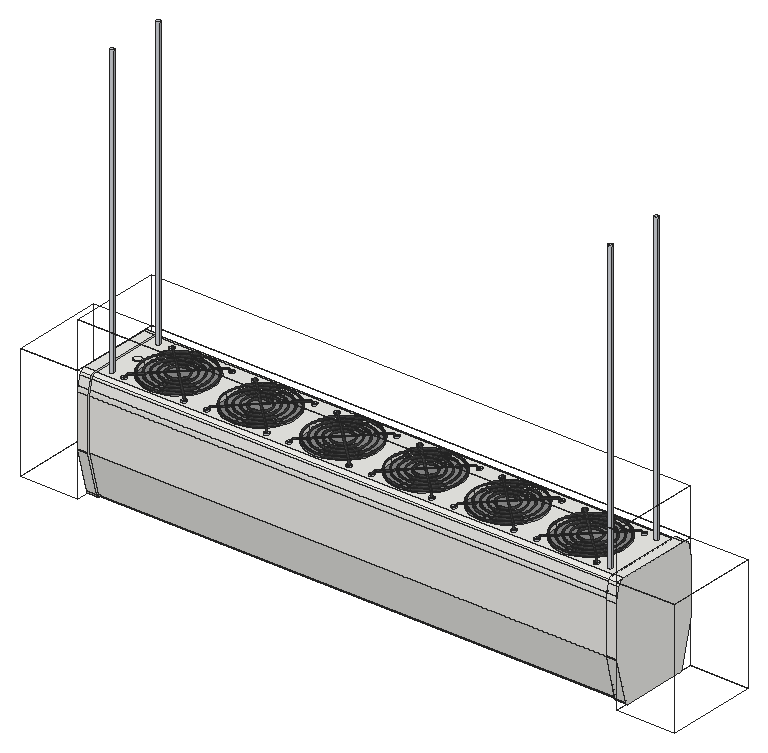
Revit family "AIRTECNICS_AIR CURTAIN_MINIBEL_AIR ONLY (A-E)123", category Mechanical Equipment, Revit 2016
Family settings
  Part Type = Normal
  Round Connector Dimension = Use Diameter
  OmniClass Number = 23.75.70.21.17
  OmniClass Title = Air Curtains
  Work Plane-Based = No
  Always vertical = Yes
  Cut with Voids When Loaded = No
  Shared = No
  Room Calculation Point = No
Parameters (values of type "MIN 900 E230")
  · POSITION · [instance] = "-/ Select Curtain Position /-"  # constant formula
  · OTHERS · [instance] = "-/ Select Supports - Inst.Maint. Space /-"  # constant formula
  · HEATING · = "-/ Select Heating /-"  # constant formula
  Weight [instance] = size_lookup(Name_Lookup_Data, "Weight", 1.00 kg, COD)  # 13.50 kg
  Wall Supports (Horizontal) [instance] = no
  Voltage [instance] = 230 V  # constant formula
  URL_Manufacturer = "https://www.airtecnics.com/"
  URL_Datasheet = "https://www.airtecnics.com/download/file/1940/minibel.pdf"
  Supports Length [instance] = 500.0 mm
  Supports (Horizontal) [instance] = yes
  Revit Version = "Revit 2016 - English"  # constant formula
  Review Date = "11/2018"  # constant formula
  URL = "https://www.airtecnics.com/products/air-curtain-minibel"
  Product Size = if(L = 600.0 mm, "600", "900")  # "900"
  Product Reference [instance] = size_lookup(Name_Lookup_Ref, "", "Consult Manufacturer", COD)  # "MIN 900 E230"
  Product Heating [instance] = if(A, "Only Air", "Electrical")  # "Electrical"
  Product Description [instance] = size_lookup(Name_Lookup_Data, "", "-", COD)  # "Self-supporting casing construction made of galvanized steel plate, finished in structural epoxy-polyester painting white colour RAL9016 as standard. Other colours are available on request. \r\nAnodized aluminium outlet vanes, airfoil shaped.\r\nCompact axial fans, low noise level.\r\n“E” type with electrical shielded element. \r\nIntegrated switch for ventilation and heating control.\r\nCable connection 1,5m length, integrated.\r\nWall support included.\r\nAir Volume: 630 m3/h \r\nFans:  0,09 kW  0,78 A 230Vx1 50Hz\r\nHeating power: 3,2 kW (230Vx1)\r\nDimensions: 160x200x936 mm (depth, height, length)"
  Power Fans Factor [instance] = 0.5  # constant formula
  Power Fans [instance] = size_lookup(Name_Lookup_Data, "Power Fans", 1 kW, COD)  # 0.09 kW
  Noise Level (dB(A)) [instance] = size_lookup(Name_Lookup_Data, "Noise Level (dB(A))", 1, COD)  # 47
  Name_Lookup_Ref = "MINIBEL_(A-E)_Ref_Lookup"  # constant formula
  Name_Lookup_Data = "MINIBEL_(A-E)_Data_Lookup"  # constant formula
  Model = "Air Curtain Minibel A-E"  # constant formula
  Material Curtain [instance] = AIRTECNICS_White RAL 9016
  Length = L + 36.0 mm + Depth - Depth  # 936.0 mm
  Height = 200.0 mm  # constant formula
  Heating Capacity [instance] = size_lookup(Name_Lookup_Data, "Electrical Heating", 1 kW, COD)  # 3.2 kW
  Frequency = 50 Hz  # constant formula
  Fans Stage = 1  # constant formula
  Family Version = "1.0"  # constant formula
  E = yes
  Depth = 160.0 mm  # constant formula
  Current Fans [instance] = size_lookup(Name_Lookup_Data, "Current Fans", 1 A, COD)  # 0.78 A
  Created by = "BIMETRICAL"  # constant formula
  Control [instance] = "ON/OFF Switch"  # constant formula
  COD [instance] = if(L = 600.0 mm, 1, 0) + if(L = 900.0 mm, 2, 0) + if(E, 10, 20)  # 12
  Aspiration/Maintenance Space [instance] = yes
  Apparent Load [instance] = size_lookup(Name_Lookup_Data, "Apparent Load", 1 VA, COD)  # 180 VA
  Airflow [instance] = size_lookup(Name_Lookup_Data, "Airflow", 1 m³/h, COD)  # 630 m³/h
  L = 900.0 mm
  Type Image = <None>
  IfcExportType = if(A, "CENTRIFUGALFORWARDCURVED", "ELECTRICALHEATINGCOIL")  # "ELECTRICALHEATINGCOIL"
  IfcExportAs = "IfcFanType"  # constant formula
  Horizontal [instance] = 1 = 1  # yes
  Manufacturer = "AIRTECNICS"  # constant formula
  Description = ""
  Type Comments = "Self-supporting casing construction made of galvanized steel plate, finished in structural epoxy-polyester painting white colour RAL9016 as standard. Other colours are available on request.\r\nAnodized aluminium outlet vanes, airfoil shaped.\r\nCompact axial fans, low noise level.\r\n“E” type with electrical shielded element. “A” type without heating, air only.\r\nIntegrated switch for ventilation and heating control.\r\nCable connection 1,5m length, integrated.\r\nWall support included.\r\n"  # constant formula
  BIMETRICAL Category = "Fan"  # constant formula
  BIMETRICAL = "http://www.bimetrical.com"  # constant formula
  A = not(E)  # no
Types (4, lengths in mm): name | Weight | Product Size | Product Reference | Product Heating | Product Description | Power Fans | Noise Level (dB(A)) | Length | Heating Capacity | E | Current Fans | COD | Apparent Load | Airflow | L | IfcExportType | A
  MIN 600 A | 9.00 kg | "600" | "MIN 600 A" | "Only Air" | "Self-supporting casing construction made of galvanized steel plate, finished in structural epoxy-polyester painting white colour RAL9016 as standard. Other colours are available on request. \r\nAnodized aluminium outlet vanes, airfoil shaped.\r\nCompact axial fans, low noise level.\r\n“A” type without heating, air only. \r\nIntegrated switch for ventilation and heating control.\r\nCable connection 1,5m length, integrated.\r\nWall support included.\r\nAir Volume: 420 m3/h \r\nFans:  0,06 kW  0,52 A 230Vx1 50Hz\r\nDimensions: 160x200x636 mm (depth, height, length)" | 0.06 kW | 46 | 636.0 | 0 kW | no | 0.52 A | 21 | 120 VA | 420 m³/h | 600.0 | "CENTRIFUGALFORWARDCURVED" | yes
  MIN 900 A | 10.00 kg | "900" | "MIN 900 A" | "Only Air" | "Self-supporting casing construction made of galvanized steel plate, finished in structural epoxy-polyester painting white colour RAL9016 as standard. Other colours are available on request. \r\nAnodized aluminium outlet vanes, airfoil shaped.\r\nCompact axial fans, low noise level.\r\n“A” type without heating, air only. \r\nIntegrated switch for ventilation and heating control.\r\nCable connection 1,5m length, integrated.\r\nWall support included.\r\nAir Volume: 630 m3/h \r\nFans:  0,09 kW  0,78 A 230Vx1 50Hz\r\nDimensions: 160x200x936 mm (depth, height, length)" | 0.09 kW | 47 | 936.0 | 0 kW | no | 0.78 A | 22 | 180 VA | 630 m³/h | 900.0 | "CENTRIFUGALFORWARDCURVED" | yes
  MIN 600 E230 | 12.50 kg | "600" | "MIN 600 E230" | "Electrical" | "Self-supporting casing construction made of galvanized steel plate, finished in structural epoxy-polyester painting white colour RAL9016 as standard. Other colours are available on request. \r\nAnodized aluminium outlet vanes, airfoil shaped.\r\nCompact axial fans, low noise level.\r\n“E” type with electrical shielded element. \r\nIntegrated switch for ventilation and heating control.\r\nCable connection 1,5m length, integrated.\r\nWall support included.\r\nAir Volume: 420 m3/h \r\nFans:  0,06 kW  0,52 A 230Vx1 50Hz\r\nHeating power: 2,5 kW (230Vx1)\r\nDimensions: 160x200x636 mm (depth, height, length)" | 0.06 kW | 46 | 636.0 | 2.5 kW | yes | 0.52 A | 11 | 120 VA | 420 m³/h | 600.0 | "ELECTRICALHEATINGCOIL" | no
  MIN 900 E230 | 13.50 kg | "900" | "MIN 900 E230" | "Electrical" | "Self-supporting casing construction made of galvanized steel plate, finished in structural epoxy-polyester painting white colour RAL9016 as standard. Other colours are available on request. \r\nAnodized aluminium outlet vanes, airfoil shaped.\r\nCompact axial fans, low noise level.\r\n“E” type with electrical shielded element. \r\nIntegrated switch for ventilation and heating control.\r\nCable connection 1,5m length, integrated.\r\nWall support included.\r\nAir Volume: 630 m3/h \r\nFans:  0,09 kW  0,78 A 230Vx1 50Hz\r\nHeating power: 3,2 kW (230Vx1)\r\nDimensions: 160x200x936 mm (depth, height, length)" | 0.09 kW | 47 | 936.0 | 3.2 kW | yes | 0.78 A | 12 | 180 VA | 630 m³/h | 900.0 | "ELECTRICALHEATINGCOIL" | no
Reference planes
  plane 1 "Centro (Frontal/Posterior)": z = 0
  plane 2: y = 246.57
  plane 3 "Centro (Izquierda/Derecha)": x = 0
Dimensions and locks
  equal spacing: nested 1, plane 2, nested 1
  aligned and locked: plane 1 "Centro (Frontal/Posterior)" to nested 1
Nested families
  nested 1: "GEOM_MINIBEL_(A-E)" at (0, 246.57, 100), type "GEOM_MINIBEL_(A-E)"
    with Supports Length 500.0 mm, L_sup 500.0 mm, Aspiration/Maintenance Space yes
Connectors
  electrical at (-428, 246.57, 197.997), driven by "Voltage", driven by "Apparent Load", driven by "Power Fans Factor"
    settings: on nested 1, index 1, voltage 230 V, apparent load 180 VA, apparent load phase1 0 VA, apparent load phase2 0 VA, apparent load phase3 0 VA, power factor 0.5, load classification "HVAC", number of poles 1, system type 30, power factor state 1, is connector primary yes, connector utility no, sub classification motor no, connector description ""
Definition of nested family "GEOM_MINIBEL_(A-E)"
  Parameters (values of type "GEOM_MINIBEL_(A-E)")
    n_Grille = if(L = 600.0 mm, 4, 6)  # 6
    Wall Supports (Horizontal) = no
    VSUP2 = if(and([Wall Supports (Horizontal)], not([Supports (Horizontal)])), 1 = 1, 1 = 0)  # no
    VSUP1 = if(and(Supports Length > 0.0 mm, [Supports (Horizontal)], not([Wall Supports (Horizontal)])), 1 = 1, 1 = 0)  # yes
    Supports Length = 200.0 mm
    Supports (Horizontal) = yes
    Revit Version = "Revit 2016 - English"  # constant formula
    Review Date = "11/2018"  # constant formula
    Model = "MINIBEL"  # constant formula
    Material Curtain = none
    Manufacturer = "AIRTECNICS"  # constant formula
    L_sup = if(Supports Length = 0.0 mm, 1.0 mm, Supports Length)  # 200.0 mm
    LSW = if(and([Wall Supports (Horizontal)], not([Supports (Horizontal)])), 10.0 mm, 1.0 mm)  # 1.0 mm
    L2 = if(L = 900.0 mm, 143.2 mm, 160.0 mm)  # 143.2 mm
    L1 = L + 36.0 mm  # 936.0 mm
    L = 900.0 mm
    Family Version = "1.0"  # constant formula
    Created by = "BIMETRICAL"  # constant formula
    BIMETRICAL = "http://www.bimetrical.com/"  # constant formula
    Aspiration/Maintenance Space = no
  Reference planes
    plane 1 "Centro (Frontal/Posterior)": y = 0
    plane 2: z = 0
    plane 3 "Centro (Izquierda/Derecha)": x = 0
    plane 4: y = 80
    plane 5: y = -80
    plane 6: x = -468
    plane 7: x = 468
    plane 8: z = 100
    plane 9: z = -100
    plane 10: x = -450
    plane 11: x = 450
    plane 12: x = -428
    plane 13: x = -358
    plane 14: x = -214.8
    plane 15: y = 50
    plane 16: y = -50
    plane 17: x = -432.5
    plane 18: x = 432.5
    plane 19: z = 59.4
    plane 20: z = -15.6
    plane 21: x = 409.75
    plane 22: x = -409.75
  Forms (mm)
    Extrusion 1, solid, material <- "Material Curtain"
      sketch origin (-468, 426.073, 1200) x (0, 1, 0) y (0, 0, 1)
        loop
          line (-506.021, -1222.532) -> (-487.237, -1294.939)
          arc (-487.237, -1294.939) -> (-484.834, -1298.582) -> (-480.704, -1299.993) r 6.75
          line (-480.704, -1299.993) -> (-371.315, -1299.998)
          arc (-371.315, -1299.998) -> (-367.185, -1298.587) -> (-364.782, -1294.944) r 6.75
          line (-364.782, -1294.944) -> (-346.073, -1221.81) -> (-346.073, -1132.712)
          arc (-346.073, -1132.712) -> (-346.347, -1127.927) -> (-347.167, -1123.205) r 41.847
          line (-347.167, -1123.205) -> (-350.648, -1108.278)
          arc (-350.648, -1108.278) -> (-354.707, -1102.395) -> (-361.44, -1099.997) r 11.627
          line (-361.44, -1099.997) -> (-490.36, -1099.997)
          arc (-490.36, -1099.997) -> (-497.301, -1102.296) -> (-501.497, -1108.283) r 11.627
          line (-501.497, -1108.283) -> (-504.978, -1123.205)
          arc (-504.978, -1123.205) -> (-505.798, -1127.927) -> (-506.073, -1132.712) r 41.847
          line (-506.073, -1132.712) -> (-506.073, -1220.451)
          arc (-506.073, -1220.451) -> (-506.06, -1221.492) -> (-506.021, -1222.532) r 41.847
      from 0 to 18
    Extrusion 2, solid, material <- "Material Curtain"
      sketch origin (468, 426.073, 1200) x (0, 1, 0) y (0, 0, -1)
        loop
          arc (-506.021, 1222.532) -> (-506.06, 1221.492) -> (-506.073, 1220.451) r 41.847
          line (-506.073, 1220.451) -> (-506.073, 1132.712)
          arc (-506.073, 1132.712) -> (-505.798, 1127.927) -> (-504.978, 1123.205) r 41.847
          line (-504.978, 1123.205) -> (-501.497, 1108.283)
          arc (-501.497, 1108.283) -> (-497.301, 1102.296) -> (-490.36, 1099.997) r 11.627
          line (-490.36, 1099.997) -> (-361.44, 1099.997)
          arc (-361.44, 1099.997) -> (-354.705, 1102.397) -> (-350.648, 1108.283) r 11.625
          line (-350.648, 1108.283) -> (-347.167, 1123.205)
          arc (-347.167, 1123.205) -> (-346.347, 1127.927) -> (-346.073, 1132.712) r 41.847
          line (-346.073, 1132.712) -> (-346.073, 1221.81) -> (-364.782, 1294.944)
          arc (-364.782, 1294.944) -> (-367.185, 1298.587) -> (-371.315, 1299.998) r 6.75
          line (-371.315, 1299.998) -> (-480.704, 1299.993)
          arc (-480.704, 1299.993) -> (-484.834, 1298.582) -> (-487.237, 1294.939) r 6.75
          line (-487.237, 1294.939) -> (-506.021, 1222.532)
      from 0 to 18
    Extrusion 3, solid, material <- "Material Curtain"
      sketch origin (-468, 426.073, 1200) x (0, 1, 0) y (0, 0, 1)
        loop
          arc (-490.36, -1102.003) -> (-496.083, -1103.888) -> (-499.564, -1108.806) r 9.627
          line (-499.564, -1108.806) -> (-503.031, -1123.66)
          arc (-503.031, -1123.66) -> (-503.811, -1128.156) -> (-504.073, -1132.712) r 39.847
          line (-504.073, -1132.712) -> (-504.073, -1222.077) -> (-485.301, -1294.436)
          arc (-485.301, -1294.436) -> (-483.61, -1297) -> (-480.703, -1297.993) r 4.75
          line (-480.703, -1297.993) -> (-371.315, -1297.998)
          arc (-371.315, -1297.998) -> (-368.41, -1297.007) -> (-366.718, -1294.445) r 4.75
          line (-366.718, -1294.445) -> (-348.073, -1221.559) -> (-348.073, -1132.712)
          arc (-348.073, -1132.712) -> (-348.334, -1128.156) -> (-349.114, -1123.66) r 39.847
          line (-349.114, -1123.66) -> (-352.581, -1108.801)
          arc (-352.581, -1108.801) -> (-355.936, -1103.977) -> (-361.471, -1102.003) r 9.627
          line (-361.471, -1102.003) -> (-490.36, -1102.003)
      from 18 to 918
    Extrusion 4, void
      sketch origin (-450, -1524, 347.815) x (0, 0, 1) y (0, -1, 0)
        loop
          line (-407.081, -1546.5) -> (-407.081, -1501.5) -> (-445.811, -1501.5) -> (-445.811, -1546.5) -> (-407.081, -1546.5)
      from 0 to 900
    Extrusion 5, solid
      sketch origin (-450, -1524, 347.815) x (0, 0, 1) y (0, -1, 0)
        loop
          line (-416.194, -1527.601) -> (-444.264, -1531.074)
          arc (-444.264, -1531.074) -> (-445.58, -1532.563) -> (-444.264, -1534.052) r 1.5
          line (-444.264, -1534.052) -> (-416.194, -1537.525)
          arc (-416.194, -1537.525) -> (-410.58, -1532.563) -> (-416.194, -1527.601) r 5
        loop
          line (-416.194, -1510.601) -> (-444.264, -1514.074)
          arc (-444.264, -1514.074) -> (-445.58, -1515.563) -> (-444.264, -1517.052) r 1.5
          line (-444.264, -1517.052) -> (-416.194, -1520.525)
          arc (-416.194, -1520.525) -> (-410.58, -1515.563) -> (-416.194, -1510.601) r 5
      from 0 to 900
    Extrusion 6, solid, material <- "Material Curtain"
      sketch origin (0, 0, 0) x (1, 0, 0) y (0, 1, 0)
        loop
          circle (-428, 0) r 6.5
      from 97.997 to 96.997
    Extrusion 7, solid
      sketch origin (-450, -1524, 347.815) x (0, 0, 1) y (0, -1, 0)
        loop
          line (-407.081, -1546.5) -> (-407.081, -1501.5) -> (-445.811, -1501.5) -> (-445.811, -1546.5) -> (-407.081, -1546.5)
      from 0 to 2
    Extrusion 8, solid
      sketch origin (450, -1524, 347.815) x (0, 0, 1) y (0, 1, 0)
        loop
          line (-407.081, 1546.5) -> (-445.811, 1546.5) -> (-445.811, 1501.5) -> (-407.081, 1501.5) -> (-407.081, 1546.5)
      from 0 to 2
    Extrusion 9, void, not visible
      sketch origin (-1204.412, -1524, 100) x (-1, 0, 0) y (0, -1, 0)
        loop
          circle (-846.412, -1524) r 60
      from 0 to -8.801
    Sweep 10, solid, not visible
      path origin (-357.024, -1.006, -39.309) x (-0.707107, 0.707107, 0) y (0, 0, 1)
        loop
          line (74.923, 135.619) -> (74.923, 137.619) -> (69.793, 142.748) -> (-66.947, 142.748) -> (-72.077, 137.619) -> (-72.077, 135.619)
      profile origin (-410.003, 51.972, 96.31) x (0.707107, 0.707107, 0) y (-0.707107, 0.707107, 0)
        loop
          circle (0, 0) r 1
    Sweep 11, solid, not visible
      path origin (-359.037, -1.006, -39.309) x (0.707107, 0.707107, 0) y (0, 0, 1)
        loop
          line (74.923, 135.619) -> (74.923, 137.619) -> (69.793, 142.748) -> (-66.947, 142.748) -> (-72.077, 137.619) -> (-72.077, 135.619)
      profile origin (-306.058, 51.972, 96.31) x (0.707107, -0.707107, 0) y (0.707107, 0.707107, 0)
        loop
          circle (0, 0) r 1
    Revolve 12, solid, not visible
      sketch origin (-357.82, -1524, 340.813) x (0, 0, 1) y (0, -1, 0)
        loop
          circle (-240.276, -1542) r 1
        loop
          circle (-240.276, -1552) r 1
        loop
          circle (-240.276, -1562) r 1
        loop
          circle (-240.276, -1572) r 1
        loop
          circle (-240.276, -1582) r 1
        axis (-239.276, -1524) -> (-241.276, -1524)
      angle from 0 to 360
    Extrusion 13, solid, not visible
      sketch origin (-1204.232, -1524, 100) x (-1, 0, 0) y (0, -1, 0)
        loop
          circle (-794.229, -1575.972) r 4
        loop
          circle (-898.173, -1575.972) r 4
        loop
          circle (-898.173, -1472.028) r 4
        loop
          circle (-794.229, -1472.028) r 4
      from -2.003 to -1.003
    Extrusion 14, void
      sketch origin (-1061.032, -1524, 100) x (-1, 0, 0) y (0, -1, 0)
        loop
          circle (-846.232, -1524) r 60
        loop
          circle (-989.432, -1524) r 60
        loop
          circle (-1132.632, -1524) r 60
        loop
          circle (-1275.832, -1524) r 60
        loop
          circle (-1419.032, -1524) r 60
        loop
          circle (-703.032, -1524) r 60
      from 0 to -10
    Extrusion 15, solid, visible <- "VSUP1"
      sketch origin (-1204.232, -1524, 100) x (-1, 0, 0) y (0, -1, 0)
        loop
          circle (-771.732, -1574) r 3
        loop
          circle (-771.732, -1474) r 3
        loop
          circle (-1636.732, -1474) r 3
        loop
          circle (-1636.732, -1574) r 3
      from -2.003 to 200
    Extrusion 16, void
      sketch origin (-1804.898, 80, 1200) x (-1, 0, 0) y (0, 0, 1)
        loop
          circle (-2214.648, -1140.6) r 3
        loop
          circle (-2214.648, -1215.6) r 3
        loop
          circle (-1395.148, -1140.6) r 3
        loop
          circle (-1395.148, -1215.6) r 3
      from 0 to -1
    Extrusion 17, solid, visible <- "Aspiration/Maintenance Space"
      sketch origin (0, 0, 0) x (1, 0, 0) y (0, 0, 1)
        loop
          line (-468, 100.003) -> (-568, 100.003) -> (-568, -100) -> (-468, -100) -> (-468, 100.003)
        loop
          line (468, 100.003) -> (468, -100) -> (568, -100) -> (568, 100.003) -> (468, 100.003)
      from -80 to 80
    Extrusion 18, solid, visible <- "Aspiration/Maintenance Space"
      sketch origin (0, 0, 0) x (1, 0, 0) y (0, 0, 1)
        loop
          line (-468, 100.003) -> (468, 100.003) -> (468, 180) -> (-468, 180) -> (-468, 100.003)
      from -80 to 80
  Cuts and joins
    Extrusion 4, Extrusion 14, Extrusion 16 cuts Extrusion 3
  Lines and regions (mm)
    symbolic lines
      curve 1: line (450, 80, 100) -> (468, 80, 100)
      curve 2: line (450, -80, 100) -> (450, 80, 100)
      curve 3: line (468, -80, 100) -> (450, -80, 100)
      curve 4: line (468, 80, 100) -> (468, -80, 100)
      curve 5: line (-468, 80, 100) -> (-450, 80, 100)
      curve 6: line (-468, -80, 100) -> (-468, 80, 100)
      curve 7: line (-450, -80, 100) -> (-468, -80, 100)
      curve 8: line (-450, 80, 100) -> (-450, -80, 100)
      curve 9: line (-450, 78, 100) -> (450, 78, 100)
      curve 10: line (-450, -78, 100) -> (450, -78, 100)
      curve 11: line (-450, 22.5, 100) -> (450, 22.5, 100)
      curve 12: line (450, -22.5, 100) -> (-450, -22.5, 100)
      curve 13: line (-450, -13.399, 100) -> (450, -13.399, 100)
      curve 14: line (450, -3.475, 100) -> (-450, -3.475, 100)
      curve 15: line (-450, 3.601, 100) -> (450, 3.601, 100)
      curve 16: line (450, 13.525, 100) -> (-450, 13.525, 100)
      curve 17: circle (-432.5, 50, 100) r 3 normal (0, 0, 1)
    symbolic lines, visible <- "VSUP1"
      curve 18: circle (-432.5, 50, 100) r 3 normal (0, 0, 1)
      curve 19: circle (-432.5, -50, 100) r 3 normal (0, 0, 1)
      curve 20: circle (432.5, -50, 100) r 3 normal (0, 0, 1)
      curve 21: circle (432.5, 50, 100) r 3 normal (0, 0, 1)
    symbolic lines, visible <- "Aspiration/Maintenance Space"
      curve 22: line (-468, 80, 100) -> (-568, 80, 100)
      curve 23: line (-568, 80, 100) -> (-568, -80, 100)
      curve 24: line (-568, -80, 100) -> (-468, -80, 100)
      curve 25: line (468, -80, 100) -> (568, -80, 100)
      curve 26: line (568, -80, 100) -> (568, 80, 100)
      curve 27: line (568, 80, 100) -> (468, 80, 100)
      curve 28: line (-468, 0, -100) -> (-568, 0, -100)
      curve 29: line (-568, 0, -100) -> (-568, 0, 100.003)
      curve 30: line (-568, 0, 100.003) -> (-468, 0, 100.003)
      curve 31: line (-468, 0, 100.003) -> (-468, 0, 180)
      curve 32: line (-468, 0, 180) -> (468, 0, 180)
      curve 33: line (468, 0, 180) -> (468, 0, 100.003)
      curve 34: line (468, 0, 100.003) -> (568, 0, 100.003)
      curve 35: line (568, 0, 100.003) -> (568, 0, -100)
      curve 36: line (568, 0, -100) -> (468, 0, -100)
  Dimensions and locks
    equal spacing: plane 6, plane 3 "Centro (Izquierda/Derecha)", plane 7
    equal spacing: plane 4, plane 1 "Centro (Frontal/Posterior)", plane 5
    locked: plane 5 to plane 4 at 160
    "L1": plane 6 to plane 7
    equal spacing: plane 8, level, plane 9
    locked: plane 8 to plane 9 at 200
    locked: plane 6 to plane 10 at 18
    locked: plane 11 to plane 7 at 18
    locked: Extrusion 4 sketch curve to Extrusion 4 sketch curve at 38.73
    locked: Extrusion 4 sketch curve to Extrusion 4 sketch curve at 45
    plane 6 to plane 12 = 40.0 mm
    locked: Extrusion 7 to plane 10 at 2
    locked: plane 11 to Extrusion 8 at 2
    Sweep 10 sketch curve to Sweep 10 sketch curve = 147.0 mm
    Sweep 11 sketch curve to Sweep 11 sketch curve = 147.0 mm
    locked: plane 6 to plane 13 at 110
    equal spacing: group 2, group 3, group 4, group 5, group 6, group 7  (x2)
    equal spacing: group 7, group 6, group 5, group 4, group 3, group 2
    locked: plane 13 to plane 14 at 143.2
    plane 6 to Extrusion 14 sketch curve = 110.0 mm
    Extrusion 14 sketch curve to Extrusion 14 sketch curve to Extrusion 14 sketch curve to Extrusion 14 sketch curve = 143.2 mm locked, 143.2 mm locked, 143.2 mm locked
    "L2": Extrusion 14 sketch curve to Extrusion 14 sketch curve  (x2)
    locked: plane 1 "Centro (Frontal/Posterior)" to plane 15 at 50
    locked: plane 1 "Centro (Frontal/Posterior)" to plane 16 at 50
    locked: plane 6 to plane 17 at 35.5
    locked: plane 18 to plane 7 at 35.5
    "L_sup": Extrusion 15 to plane 8
    locked: plane 19 to plane 8 at 40.6
    locked: plane 20 to plane 19 at 75
    locked: plane 7 to plane 21 at 58.25
    locked: plane 22 to plane 6 at 58.25
    "LSW": Extrusion 16 to plane 4
    locked: Extrusion 17 sketch curve to Extrusion 17 sketch curve at 100  (x2)
    locked: Extrusion 18 sketch curve to plane 8 at 80
    radius of Extrusion 6 sketch curve = 6.5 mm
    aligned and locked: level to plane 2
    aligned and locked: plane 4 to Extrusion 1 sketch curve
    aligned and locked: plane 5 to Extrusion 1 sketch curve
    aligned and locked: plane 10 to Extrusion 1
    aligned and locked: Extrusion 2 to plane 11
    aligned and locked: plane 7 to Extrusion 2
    aligned and locked: plane 11 to Extrusion 3
    aligned and locked: plane 11 to Extrusion 4
    aligned and locked: plane 11 to Extrusion 5
    aligned and locked: plane 12 to Extrusion 6 sketch curve
    aligned and locked: cut or joined group of Extrusion 3, Extrusion 4, Extrusion 14, Extrusion 16 to plane 10
    aligned and locked: plane 11 to Extrusion 8
    aligned and locked: plane 13 to nested 1
    aligned and locked: nested 2 to plane 14
    aligned and locked: plane 17 to Extrusion 15 sketch curve  (x2)
    aligned and locked: plane 18 to Extrusion 15 sketch curve  (x2)
    aligned and locked: plane 15 to Extrusion 15 sketch curve  (x2)
    aligned and locked: plane 16 to Extrusion 15 sketch curve  (x2)
    aligned and locked: Extrusion 15 to cut or joined group of Extrusion 3, Extrusion 4, Extrusion 14, Extrusion 16
    aligned and locked: plane 22 to Extrusion 16 sketch curve  (x2)
    aligned and locked: plane 20 to Extrusion 16 sketch curve  (x2)
    aligned and locked: plane 19 to Extrusion 16 sketch curve  (x2)
    aligned and locked: plane 21 to Extrusion 16 sketch curve  (x2)
    aligned and locked: plane 6 to Extrusion 17 sketch curve
    aligned and locked: plane 7 to Extrusion 17 sketch curve
    aligned and locked: plane 4 to Extrusion 17
    aligned and locked: plane 5 to Extrusion 17
    aligned and locked: plane 5 to Extrusion 18
    aligned and locked: plane 4 to Extrusion 18
    aligned and locked: curve 1 to Extrusion 2
    aligned and locked: curve 2 to Extrusion 2
    aligned and locked: curve 3 to Extrusion 18
    aligned and locked: curve 4 to Extrusion 2
    aligned and locked: curve 5 to Extrusion 18
    aligned and locked: curve 6 to Extrusion 1
    aligned and locked: curve 7 to Extrusion 1
    aligned and locked: curve 8 to Extrusion 1
    aligned and locked: curve 9 to cut or joined group of Extrusion 3, Extrusion 4, Extrusion 14, Extrusion 16
    aligned and locked: curve 10 to cut or joined group of Extrusion 3, Extrusion 4, Extrusion 14, Extrusion 16
    aligned and locked: curve 11 to cut or joined group of Extrusion 3, Extrusion 4, Extrusion 14, Extrusion 16
    aligned and locked: curve 12 to cut or joined group of Extrusion 3, Extrusion 4, Extrusion 14, Extrusion 16
    aligned and locked: curve 13 to Extrusion 5
    aligned and locked: curve 14 to Extrusion 5
    aligned and locked: curve 15 to Extrusion 5
    aligned and locked: curve 16 to Extrusion 5
    aligned and locked: curve 17 to Extrusion 15
  Automatic sketch dimensions
    Sweep 10 sketch curve to Sweep 10 sketch curve = 5.13 mm  (x3)
    Sweep 10 sketch curve to Sweep 10 sketch curve = 2.0 mm  (x2)
    profile plane to Sweep 10 sketch curve = 0.0 mm
    Sweep 10 sketch curve to profile plane = 0.0 mm
    Sweep 11 sketch curve to Sweep 11 sketch curve = 5.13 mm  (x3)
    Sweep 11 sketch curve to Sweep 11 sketch curve = 2.0 mm  (x2)
    profile plane to Sweep 11 sketch curve = 0.0 mm  (x2)
    Revolve 12 sketch curve to Revolve 12 sketch curve = 10.0 mm  (x5)
    Sweep 10 sketch curve to Sweep 10 sketch curve = 0.0 mm
    Sweep 11 sketch curve to Sweep 11 sketch curve = 0.0 mm
    Revolve 12 sketch curve to Revolve 12 sketch curve = 0.0 mm  (x4)
    Revolve 12 sketch curve to Revolve 12 sketch curve = 7.539 mm
    Revolve 12 sketch curve to Revolve 12 sketch curve = 18.0 mm
    Extrusion 13 sketch curve to Extrusion 13 sketch curve = 0.0 mm  (x3)
    Extrusion 13 sketch curve to Extrusion 13 sketch curve = 103.945 mm  (x3)
    Extrusion 1 sketch curve to plane 5 = 0.052 mm
    Extrusion 1 sketch curve to plane 5 = 1.094 mm
    Extrusion 1 sketch curve to plane 5 = 4.575 mm
    Extrusion 1 sketch curve to Extrusion 1 sketch curve = 11.137 mm
    plane 8 to Extrusion 1 sketch curve = 0.003 mm
    Extrusion 1 sketch curve to Extrusion 1 sketch curve = 0.0 mm
    Extrusion 1 sketch curve to plane 9 = 5.061 mm
    plane 16 to Extrusion 1 sketch curve = 11.164 mm
    Extrusion 1 sketch curve to plane 9 = 0.007 mm
    plane 16 to Extrusion 1 sketch curve = 4.631 mm  (x2)
    Extrusion 1 sketch curve to plane 16 = 11.847 mm  (x2)
    Extrusion 1 sketch curve to plane 15 = 11.847 mm
    Extrusion 1 sketch curve to plane 9 = 0.002 mm
    plane 15 to Extrusion 1 sketch curve = 4.757 mm
    plane 15 to Extrusion 1 sketch curve = 4.758 mm
    Extrusion 1 sketch curve to plane 9 = 5.056 mm
    Extrusion 1 sketch curve to Extrusion 1 sketch curve = 6.533 mm
    plane 15 to Extrusion 1 sketch curve = 14.288 mm
    Extrusion 1 sketch curve to Extrusion 1 sketch curve = 0.344 mm
    Extrusion 1 sketch curve to plane 4 = 4.575 mm
    Extrusion 1 sketch curve to plane 4 = 1.094 mm
    Extrusion 1 sketch curve to level = 22.532 mm
    Extrusion 1 sketch curve to level = 21.81 mm
    Extrusion 1 sketch curve to plane 8 = 32.712 mm  (x2)
    Extrusion 1 sketch curve to Extrusion 1 sketch curve = 11.627 mm
    Extrusion 1 sketch curve to Extrusion 1 sketch curve = 11.622 mm
    Extrusion 2 sketch curve to plane 5 = 0.0 mm
    Extrusion 2 sketch curve to plane 4 = 0.0 mm
    Extrusion 2 sketch curve to plane 5 = 0.052 mm
    Extrusion 2 sketch curve to plane 5 = 1.094 mm
    Extrusion 2 sketch curve to plane 5 = 4.575 mm
    Extrusion 2 sketch curve to Extrusion 2 sketch curve = 11.137 mm
    plane 8 to Extrusion 2 sketch curve = 0.003 mm
    Extrusion 2 sketch curve to Extrusion 2 sketch curve = 0.0 mm
    Extrusion 2 sketch curve to plane 9 = 5.061 mm
    plane 16 to Extrusion 2 sketch curve = 11.164 mm
    Extrusion 2 sketch curve to plane 9 = 0.007 mm
    plane 16 to Extrusion 2 sketch curve = 4.631 mm  (x2)
    Extrusion 2 sketch curve to plane 16 = 11.847 mm  (x2)
    Extrusion 2 sketch curve to plane 15 = 11.847 mm
    Extrusion 2 sketch curve to plane 9 = 0.002 mm
    plane 15 to Extrusion 2 sketch curve = 4.757 mm
    plane 15 to Extrusion 2 sketch curve = 4.758 mm
    Extrusion 2 sketch curve to plane 9 = 5.056 mm
    Extrusion 2 sketch curve to Extrusion 2 sketch curve = 6.533 mm
    plane 15 to Extrusion 2 sketch curve = 14.288 mm
    Extrusion 2 sketch curve to Extrusion 2 sketch curve = 0.344 mm
    Extrusion 2 sketch curve to plane 4 = 4.575 mm
    Extrusion 2 sketch curve to plane 4 = 1.094 mm
    Extrusion 2 sketch curve to plane 8 = 8.283 mm  (x2)
    Extrusion 2 sketch curve to Extrusion 2 sketch curve = 14.922 mm  (x2)
    Extrusion 2 sketch curve to level = 20.451 mm
    Extrusion 2 sketch curve to level = 21.81 mm
    Extrusion 3 sketch curve to plane 5 = 2.0 mm
    Extrusion 3 sketch curve to plane 5 = 3.042 mm
    Extrusion 3 sketch curve to plane 5 = 6.508 mm
    Extrusion 3 sketch curve to Extrusion 3 sketch curve = 9.204 mm
    Extrusion 3 sketch curve to plane 8 = 2.003 mm
    Extrusion 3 sketch curve to Extrusion 3 sketch curve = 0.0 mm  (x2)
    plane 16 to Extrusion 3 sketch curve = 9.228 mm
    Extrusion 3 sketch curve to plane 9 = 2.007 mm
    plane 16 to Extrusion 3 sketch curve = 4.631 mm  (x2)
    Extrusion 3 sketch curve to plane 16 = 11.847 mm
    Extrusion 3 sketch curve to plane 15 = 11.847 mm
    Extrusion 3 sketch curve to plane 9 = 2.002 mm
    plane 15 to Extrusion 3 sketch curve = 4.757 mm
    Extrusion 3 sketch curve to plane 9 = 5.555 mm
    Extrusion 3 sketch curve to Extrusion 3 sketch curve = 4.597 mm
    plane 15 to Extrusion 3 sketch curve = 14.288 mm
    Extrusion 3 sketch curve to Extrusion 3 sketch curve = 0.313 mm
    Extrusion 3 sketch curve to plane 4 = 6.508 mm
    Extrusion 3 sketch curve to plane 4 = 3.042 mm
    Extrusion 3 sketch curve to plane 4 = 2.0 mm
    Extrusion 3 sketch curve to plane 9 = 5.564 mm
    Extrusion 3 sketch curve to level = 22.077 mm
    Extrusion 3 sketch curve to level = 21.559 mm
    Extrusion 3 sketch curve to plane 8 = 32.712 mm  (x2)
    Extrusion 3 sketch curve to Extrusion 3 sketch curve = 9.627 mm
    Extrusion 3 sketch curve to Extrusion 3 sketch curve = 9.622 mm
    Extrusion 4 sketch curve to plane 9 = 2.004 mm
    Extrusion 4 sketch curve to plane 1 "Centro (Frontal/Posterior)" = 22.5 mm
    Extrusion 5 sketch curve to plane 9 = 3.551 mm  (x2)
    Extrusion 5 sketch curve to Extrusion 5 sketch curve = 0.0 mm  (x5)
    Extrusion 5 sketch curve to Extrusion 5 sketch curve = 0.184 mm  (x2)
    plane 1 "Centro (Frontal/Posterior)" to Extrusion 5 sketch curve = 13.399 mm
    Extrusion 5 sketch curve to Extrusion 5 sketch curve = 28.07 mm
    Extrusion 5 sketch curve to plane 1 "Centro (Frontal/Posterior)" = 3.601 mm
    plane 1 "Centro (Frontal/Posterior)" to Extrusion 5 sketch curve = 3.475 mm
    Extrusion 5 sketch curve to Extrusion 5 sketch curve = 0.614 mm  (x2)
    Extrusion 5 sketch curve to plane 1 "Centro (Frontal/Posterior)" = 7.074 mm
    Extrusion 5 sketch curve to Extrusion 5 sketch curve = 4.962 mm
    Extrusion 5 sketch curve to Extrusion 5 sketch curve = 1.489 mm  (x2)
    plane 1 "Centro (Frontal/Posterior)" to Extrusion 5 sketch curve = 6.948 mm
    plane 1 "Centro (Frontal/Posterior)" to Extrusion 6 sketch curve = 0.0 mm
    Extrusion 7 sketch curve to plane 9 = 2.004 mm
    Extrusion 7 sketch curve to Extrusion 7 sketch curve = 38.73 mm
    Extrusion 7 sketch curve to plane 1 "Centro (Frontal/Posterior)" = 22.5 mm
    plane 1 "Centro (Frontal/Posterior)" to Extrusion 7 sketch curve = 22.5 mm
    Extrusion 8 sketch curve to plane 9 = 2.004 mm
    Extrusion 8 sketch curve to Extrusion 8 sketch curve = 38.73 mm
    plane 1 "Centro (Frontal/Posterior)" to Extrusion 8 sketch curve = 22.5 mm
    Extrusion 8 sketch curve to plane 1 "Centro (Frontal/Posterior)" = 22.5 mm
    Extrusion 17 sketch curve to plane 9 = 0.0 mm  (x2)
    plane 8 to Extrusion 17 sketch curve = 0.003 mm  (x2)
    Extrusion 18 sketch curve to plane 6 = 0.0 mm
    Extrusion 18 sketch curve to plane 7 = 0.0 mm
    plane 8 to Extrusion 18 sketch curve = 0.003 mm
    curve 17 to curve 18 = 0.0 mm  (x2)
    plane 16 to curve 20 = 0.0 mm
    curve 20 to plane 18 = 0.0 mm
    curve 21 to plane 15 = 0.0 mm
    curve 21 to plane 18 = 0.0 mm
    plane 16 to curve 19 = 0.0 mm
    curve 19 to plane 17 = 0.0 mm
    curve 9 to plane 10 = 0.0 mm
    curve 10 to plane 10 = 0.0 mm
    plane 7 to curve 26 = 100.0 mm
    curve 6 to curve 23 = 100.0 mm
    curve 28 to plane 9 = 0.0 mm
    curve 28 to plane 6 = 0.0 mm
    curve 30 to plane 6 = 0.0 mm
    curve 32 to plane 7 = 0.0 mm
    curve 36 to plane 7 = 0.0 mm
    curve 35 to plane 9 = 0.0 mm
    plane 8 to curve 30 = 0.003 mm
    curve 30 to plane 6 = 100.0 mm
    plane 8 to curve 35 = 0.003 mm
    plane 7 to curve 35 = 100.0 mm
    curve 30 to curve 32 = 79.997 mm
    plane 1 "Centro (Frontal/Posterior)" to Extrusion 14 sketch curve = 0.0 mm  (x6)
    radius of Extrusion 9 sketch curve = 60.0 mm
    radius of Sweep 10 sketch curve = 1.0 mm
    radius of Sweep 11 sketch curve = 1.0 mm
    radius of Revolve 12 sketch curve = 1.0 mm  (x5)
    radius of Extrusion 13 sketch curve = 4.0 mm  (x4)
    radius of Extrusion 15 sketch curve = 3.0 mm  (x4)
    radius of Extrusion 16 sketch curve = 3.0 mm  (x4)
    radius of curve 18 = 3.0 mm
    radius of curve 19 = 3.0 mm
    radius of curve 20 = 3.0 mm
    radius of curve 21 = 3.0 mm
    radius of Extrusion 14 sketch curve = 60.0 mm  (x6)
  Nested families
    nested 1: "GEOM_MINIBEL_(A-E)_GRILLE" at (-358, 0, 0), type "GEOM_MINIBEL_(A-E)_GRILLE"
      with VE yes, VA no
    nested 2: "GEOM_MINIBEL_(A-E)_GRILLE" at (-214.8, 0, 0), type "GEOM_MINIBEL_(A-E)_GRILLE"
      with VE yes, VA no
    nested 3: "GEOM_MINIBEL_(A-E)_GRILLE" at (-71.6, 0, 0), type "GEOM_MINIBEL_(A-E)_GRILLE"
      with VE yes, VA no
    nested 4: "GEOM_MINIBEL_(A-E)_GRILLE" at (71.6, -0.001, 0), type "GEOM_MINIBEL_(A-E)_GRILLE"
      with VE yes, VA no
    nested 5: "GEOM_MINIBEL_(A-E)_GRILLE" at (214.8, -0.001, 0), type "GEOM_MINIBEL_(A-E)_GRILLE"
      with VE yes, VA no
    nested 6: "GEOM_MINIBEL_(A-E)_GRILLE" at (358, -0.001, 0), type "GEOM_MINIBEL_(A-E)_GRILLE"
      with VE yes, VA no
  Definition of nested family "GEOM_MINIBEL_(A-E)_GRILLE"
    Parameters (values of type "GEOM_MINIBEL_(A-E)_GRILLE")
      Wall Supports (Horizontal) = no
      VSUP2 = if(and(Supports Length > 0.0 mm, L = 2000.0 mm, [Supports (Horizontal)]), 1 = 1, 1 = 0)  # no
      VSUP1 = if(and(Supports Length > 0.0 mm, [Supports (Horizontal)]), 1 = 1, 1 = 0)  # yes
      VE [instance] = yes
      VA [instance] = not(VE)  # no
      Supports Length = 2.0 mm
      Supports (Horizontal) = yes
      Revit Version = "Revit 2016 - English"  # constant formula
      Review Date = "10/2018"  # constant formula
      Number of Blades = if(L = 1000.0 mm, 3, if(L = 1500.0 mm, 5, if(L = 2000.0 mm, 7, 2)))  # 2
      Model = "MINIBEL"  # constant formula
      Material Curtain = none
      Manufacturer = "AIRTECNICS"  # constant formula
      L_sup = if(Supports Length = 0.0 mm, 1.0 mm, Supports Length)  # 2.0 mm
      L1 = L + 36.0 mm  # 636.0 mm
      L = 600.0 mm
      Family Version = "1.0"  # constant formula
      Created by = "BIMETRICAL"  # constant formula
      BIMETRICAL = "http://www.bimetrical.com/"  # constant formula
      B1 = if(and(not([Supports (Horizontal)]), L = 2000.0 mm), 8.0 mm, 1.0 mm)  # 1.0 mm
      B = if([Supports (Horizontal)], 1.0 mm, 8.0 mm)  # 1.0 mm
      Aspiration/Maintenance Space = no
      A1 = L - 60.0 mm  # 540.0 mm
      A = (L - 22.0 mm) / (Number of Blades + 1)  # 192.667 mm
    Reference planes
      plane 1 "Centro (Frontal/Posterior)": y = 0
      plane 2: z = 0
      plane 3 "Centro (Izquierda/Derecha)": x = 0
      plane 4: z = 100
      plane 5: z = -100
      plane 6: x = 0
    Forms (mm)
      Extrusion 1, solid
        sketch origin (-846.232, -1524, 100) x (-1, 0, 0) y (0, -1, 0)
          loop
            circle (-794.229, -1575.972) r 4
          loop
            circle (-898.173, -1575.972) r 4
          loop
            circle (-898.173, -1472.028) r 4
          loop
            circle (-794.229, -1472.028) r 4
        from -2.003 to -1.003
      Revolve 2, solid
        sketch origin (0, -1524, 341.644) x (0, 0, 1) y (0, -1, 0)
          loop
            circle (-240.276, -1542) r 1
          loop
            circle (-240.276, -1552) r 1
          loop
            circle (-240.276, -1562) r 1
          loop
            circle (-240.276, -1572) r 1
          loop
            circle (-240.276, -1582) r 1
          axis (-239.276, -1524) -> (-241.276, -1524)
        angle from 0 to 360
      Extrusion 3, solid, not visible
        sketch origin (-996.232, -1524, 100) x (-1, 0, 0) y (0, -1, 0)
          loop
            circle (-794.229, -1575.972) r 4
          loop
            circle (-898.173, -1575.972) r 4
          loop
            circle (-898.173, -1472.028) r 4
          loop
            circle (-794.229, -1472.028) r 4
        from -2.003 to -1.003
      Revolve 4, solid, not visible
        sketch origin (-150, -1524, 341.644) x (0, 0, 1) y (0, -1, 0)
          loop
            circle (-240.276, -1542) r 1
          loop
            circle (-240.276, -1552) r 1
          loop
            circle (-240.276, -1562) r 1
          loop
            circle (-240.276, -1572) r 1
          loop
            circle (-240.276, -1582) r 1
          axis (-239.276, -1524) -> (-241.276, -1524)
        angle from 0 to 360
      Sweep 5, solid
        path origin (0.976, -1.006, -39.309) x (-0.707107, 0.707107, 0) y (0, 0, 1)
          loop
            line (74.923, 135.619) -> (74.923, 137.619) -> (69.793, 142.748) -> (-66.947, 142.748) -> (-72.077, 137.619) -> (-72.077, 135.619)
        profile origin (-52.003, 51.972, 96.31) x (0.707107, 0.707107, 0) y (-0.707107, 0.707107, 0)
          loop
            circle (0, 0) r 1
      Sweep 6, solid
        path origin (-1.037, -1.006, -39.309) x (0.707107, 0.707107, 0) y (0, 0, 1)
          loop
            line (74.923, 135.619) -> (74.923, 137.619) -> (69.793, 142.748) -> (-66.947, 142.748) -> (-72.077, 137.619) -> (-72.077, 135.619)
        profile origin (51.942, 51.972, 96.31) x (0.707107, -0.707107, 0) y (0.707107, 0.707107, 0)
          loop
            circle (0, 0) r 1
      Sweep 7, solid, not visible
        path origin (-149.024, -1.006, -39.309) x (-0.707107, 0.707107, 0) y (0, 0, 1)
          loop
            line (74.923, 135.619) -> (74.923, 137.619) -> (69.793, 142.748) -> (-66.947, 142.748) -> (-72.077, 137.619) -> (-72.077, 135.619)
        profile origin (-202.003, 51.972, 96.31) x (0.707107, 0.707107, 0) y (-0.707107, 0.707107, 0)
          loop
            circle (0, 0) r 1
      Sweep 8, solid, not visible
        path origin (-151.037, -1.006, -39.309) x (0.707107, 0.707107, 0) y (0, 0, 1)
          loop
            line (74.923, 135.619) -> (74.923, 137.619) -> (69.793, 142.748) -> (-66.947, 142.748) -> (-72.077, 137.619) -> (-72.077, 135.619)
        profile origin (-98.058, 51.972, 96.31) x (0.707107, -0.707107, 0) y (0.707107, 0.707107, 0)
          loop
            circle (0, 0) r 1
    Dimensions and locks
      equal spacing: plane 4, level, plane 5
      locked: plane 4 to plane 5 at 200
      Sweep 5 sketch curve to Sweep 5 sketch curve = 147.0 mm
      Sweep 6 sketch curve to Sweep 6 sketch curve = 147.0 mm
      Sweep 7 sketch curve to Sweep 7 sketch curve = 147.0 mm
      Sweep 8 sketch curve to Sweep 8 sketch curve = 147.0 mm
      aligned and locked: level to plane 2
    Automatic sketch dimensions
      Extrusion 1 sketch curve to Extrusion 1 sketch curve = 0.0 mm  (x4)
      Extrusion 1 sketch curve to Extrusion 1 sketch curve = 103.945 mm  (x2)
      Revolve 2 sketch curve to Revolve 2 sketch curve = 0.0 mm  (x4)
      Revolve 2 sketch curve to Revolve 2 sketch curve = 10.0 mm  (x5)
      Revolve 2 sketch curve to Revolve 2 sketch curve = 7.539 mm
      Revolve 2 sketch curve to Revolve 2 sketch curve = 18.0 mm
      Sweep 5 sketch curve to Sweep 5 sketch curve = 5.13 mm  (x3)
      Sweep 5 sketch curve to Sweep 5 sketch curve = 0.0 mm
      Sweep 5 sketch curve to Sweep 5 sketch curve = 2.0 mm  (x2)
      profile plane to Sweep 5 sketch curve = 0.0 mm
      Sweep 5 sketch curve to profile plane = 0.0 mm
      Sweep 6 sketch curve to Sweep 6 sketch curve = 5.13 mm  (x3)
      Sweep 6 sketch curve to Sweep 6 sketch curve = 0.0 mm
      Sweep 6 sketch curve to Sweep 6 sketch curve = 2.0 mm  (x2)
      profile plane to Sweep 6 sketch curve = 0.0 mm  (x2)
      radius of Extrusion 1 sketch curve = 4.0 mm  (x4)
      radius of Revolve 2 sketch curve = 1.0 mm  (x5)
      radius of Sweep 5 sketch curve = 1.0 mm
      radius of Sweep 6 sketch curve = 1.0 mm
